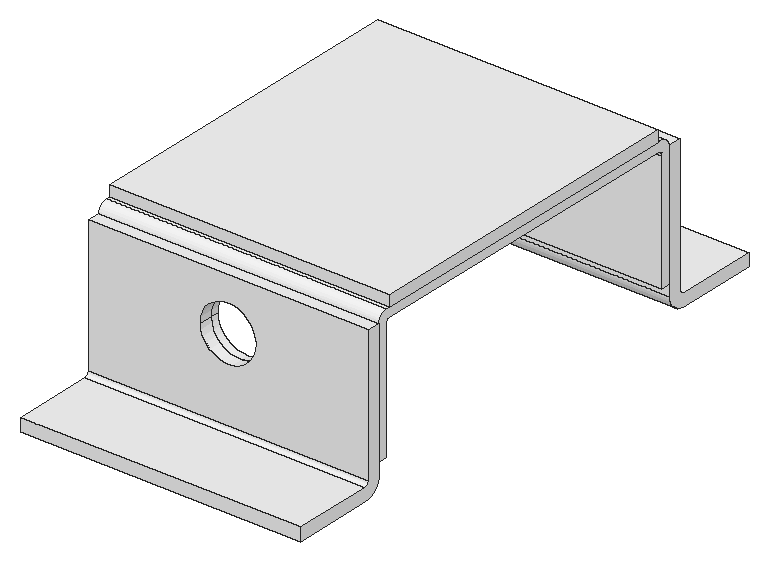
Revit family "勾配くん", category 機械設備, Revit 2020
Family settings
  丸型コネクタ寸法 = 直径を使用
  種別 = なし
  パーツ タイプ = 標準
  作業面ベース = いいえ
  常に垂直 = はい
  ロード時にボイドで切り取り = いいえ
  共有 = いいえ
  部屋計算ポイント = いいえ
Parameters
  製造元 = "株式会社桐井製作所"
  既定の高さ = 0 mm
  URL = "https://www.kirii.co.jp/"
  K_角度 [instance] = 90.00°
  K_表面処理 = "JIS H 8610　電気亜鉛めっき1級以上　JIS H 8625 1級CM1A以上"
  K_材質 = "軟質鋼材 JIS G 3505 同等以上"
  K_名称 = "勾配くん"
  K_単位質量(kg/個) = 0.195
  K_バージョン情報 = "20230413"
Reference planes
  plane 1 "中心(正面/背面)": y = 0
  plane 2: z = 0
  plane 3 "中心(左/右)": x = 0
Forms (mm)
  Extrusion 1, void
    sketch origin (0, 2.5, 0) x (1, 0, 0) y (0, 0, 1)
      loop
        circle (0, 0) r 5
    from 35 to 37.3
  Extrusion 2, solid
    sketch origin (0, 0, 0) x (0, 1, 0) y (0, 0, 1)
      loop
        line (-34.8, 9.4) -> (-34.8, -14.8)
        arc (-34.8, -14.8) -> (-35.005, -15.295) -> (-35.5, -15.5) r 0.7
        line (-35.5, -15.5) -> (-50, -15.5) -> (-50, -17.8) -> (-35.5, -17.8)
        arc (-35.5, -17.8) -> (-33.379, -16.921) -> (-32.5, -14.8) r 3
        line (-32.5, -14.8) -> (-32.5, 9.4) -> (-34.8, 9.4)
    from -25 to 25
  Extrusion 3, void
    sketch origin (0, -2.5, 0) x (1, 0, 0) y (0, 0, -1)
      loop
        circle (0, 0) r 5
    from 35 to 37.3
  Extrusion 4, solid
    sketch origin (0, 0, 0) x (0, -1, 0) y (0, 0, -1)
      loop
        line (-34.8, -9.4) -> (-32.5, -9.4) -> (-32.5, 14.8)
        arc (-32.5, 14.8) -> (-33.379, 16.921) -> (-35.5, 17.8) r 3
        line (-35.5, 17.8) -> (-50, 17.8) -> (-50, 15.5) -> (-35.5, 15.5)
        arc (-35.5, 15.5) -> (-35.005, 15.295) -> (-34.8, 14.8) r 0.7
        line (-34.8, 14.8) -> (-34.8, -9.4)
    from -25 to 25
Cuts and joins
  Extrusion 1 cuts Extrusion 2
  Extrusion 3 cuts Extrusion 4
Dimensions and locks
  "K_角度": angle nested 1 to plane 2
  aligned and locked: level to plane 2
Automatic sketch dimensions
  Extrusion 1 sketch curve to level = 0 mm
  Extrusion 1 sketch curve to plane 3 "中心(左/右)" = 0 mm
  Extrusion 2 sketch curve to Extrusion 2 sketch curve = 0 mm  (x2)
  Extrusion 2 sketch curve to level = 17.8 mm
  plane 1 "中心(正面/背面)" to Extrusion 2 sketch curve = 50 mm
  Extrusion 2 sketch curve to Extrusion 2 sketch curve = 14.5 mm
  Extrusion 2 sketch curve to Extrusion 2 sketch curve = 0.7 mm
  Extrusion 2 sketch curve to Extrusion 2 sketch curve = 2.3 mm
  level to Extrusion 2 sketch curve = 9.4 mm
  Extrusion 3 sketch curve to level = 0 mm
  Extrusion 3 sketch curve to plane 3 "中心(左/右)" = 0 mm
  Extrusion 4 sketch curve to Extrusion 4 sketch curve = 0 mm  (x2)
  Extrusion 4 sketch curve to level = 17.8 mm
  Extrusion 4 sketch curve to plane 1 "中心(正面/背面)" = 50 mm
  Extrusion 4 sketch curve to Extrusion 4 sketch curve = 14.5 mm
  Extrusion 4 sketch curve to Extrusion 4 sketch curve = 0.7 mm
  Extrusion 4 sketch curve to Extrusion 4 sketch curve = 2.3 mm
  level to Extrusion 4 sketch curve = 9.4 mm
  radius of Extrusion 1 sketch curve = 5 mm
  radius of Extrusion 3 sketch curve = 5 mm
Nested families
  nested 1: "勾配くん_クッションゴム付金具" at (-0.1, 0, -0.1), type "勾配くん_クッションゴム付金具"
    with K_角度 90.00°
Definition of nested family "勾配くん_クッションゴム付金具"
  Parameters (values of type "勾配くん_クッションゴム付金具")
    Manufacturer = "株式会社桐井製作所"
    Default Elevation = 0 mm
    URL = "https://www.kirii.co.jp/"
    K_角度 [instance] = 90.00°
    K_名称 = "勾配くん_クッションゴム付金具"
    K_バージョン情報 = "20230328"
  Reference planes
    plane 1 "中心(正面/背面)": y = 0
    plane 2: z = 0
    plane 3 "中心(左/右)": x = 0
  Forms (mm)
    Extrusion 1, solid
      sketch origin (0, 0, -17.8) x (0, 1, 0) y (0, 0, 1)
        loop
          line (-32.5, 26.8) -> (-32.5, 26) -> (-32.5, 5) -> (-30.9, 5) -> (-30.9, 26.2)
          arc (-30.9, 26.2) -> (-30.607, 26.907) -> (-29.9, 27.2) r 1
          line (-29.9, 27.2) -> (29.9, 27.2)
          arc (29.9, 27.2) -> (30.607, 26.907) -> (30.9, 26.2) r 1
          line (30.9, 26.2) -> (30.9, 5) -> (32.5, 5) -> (32.5, 26.8)
          arc (32.5, 26.8) -> (31.914, 28.214) -> (30.5, 28.8) r 2
          line (30.5, 28.8) -> (-30.5, 28.8)
          arc (-30.5, 28.8) -> (-31.914, 28.214) -> (-32.5, 26.8) r 2
      from -25 to 25
    Extrusion 2, void
      sketch origin (0, 0, -17.8) x (1, 0, 0) y (0, 0, 1)
        loop
          circle (0, 17.8) r 5
      from 30.9 to 32.5
    Extrusion 3, solid
      sketch origin (0, 0, -17.8) x (0, 1, 0) y (0, 0, 1)
        loop
          line (-30, 30.8) -> (-30, 28.8) -> (30, 28.8) -> (30, 30.8) -> (-30, 30.8)
      from -25 to 25
    Extrusion 4, void
      sketch origin (0, 63.4, -17.8) x (1, 0, 0) y (0, 0, 1)
        loop
          circle (0, 17.8) r 5
      from 30.9 to 32.5
  Cuts and joins
    Extrusion 2, Extrusion 4 cuts Extrusion 1
  Dimensions and locks
    aligned and locked: level to plane 2
